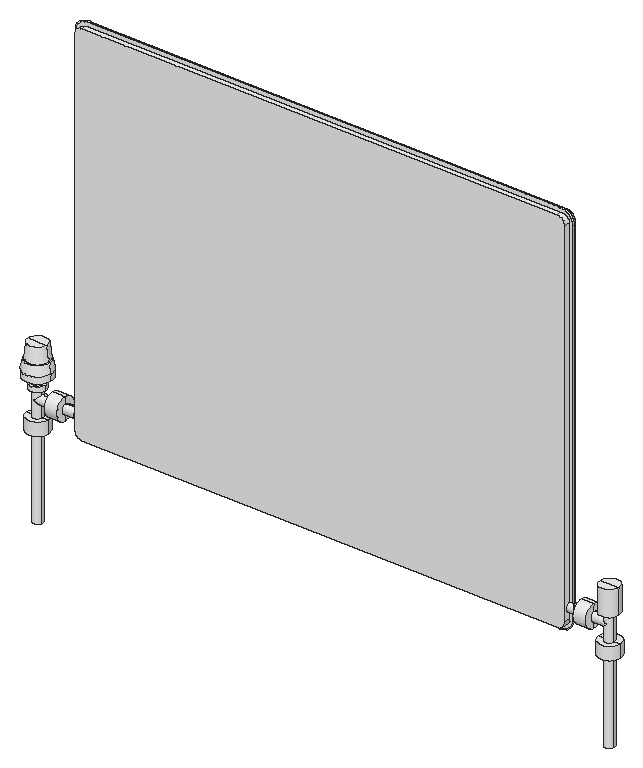
Revit family
Parameters (values of type "600 x 800mm Wide")
  Radiator Type = "Single"
  Radiator Thickness = 20 mm
  Radiator Length = 800 mm
  Radiator Height = 600 mm
  Offset from Wall = 65 mm
  Material Radiator = Paint - White Polished
  Keynote = "T"
  Height to U/S = 150 mm
Types (10, lengths in mm): name | Radiator Length | Radiator Height
  600 x 400mm Wide | 400 | 600
  600 x 600mm Wide | 600 | 600
  600 x 800mm Wide | 800 | 600
  600 x 1000mm Wide | 1000 | 600
  600 x 1200mm Wide | 1200 | 600
  400 x 400mm Wide | 400 | 400
  400 x 600mm Wide | 600 | 400
  400 x 800mm Wide | 800 | 400
  400 x 1000mm Wide | 1000 | 400
  400 x 1200mm Wide | 1200 | 400
Reference planes
  plane 1 "Wall": y = 0
  plane 2 "Center (Left/Right)": x = -1.686
  plane 3 "Back": y = 75
  plane 4: x = -401.686
  plane 5: x = 398.314
  plane 6: z = 150
  plane 7: z = 750
  plane 8: y = 140
Forms (mm)
  Extrusion 1, solid, material "Paint - White Polished" <- "Material Radiator"
    sketch origin (0, 140, 0) x (1, 0, 0) y (0, 0, 1)
      loop
        arc (386.314, 150) -> (394.799, 153.515) -> (398.314, 162) r 12
        line (398.314, 162) -> (398.314, 738)
        arc (398.314, 738) -> (394.799, 746.485) -> (386.314, 750) r 12
        line (386.314, 750) -> (-386.38, 750)
        arc (-386.38, 750) -> (-394.866, 746.485) -> (-398.38, 738) r 12
        line (-398.38, 738) -> (-398.38, 162)
        arc (-398.38, 162) -> (-394.866, 153.515) -> (-386.38, 150) r 12
        line (-386.38, 150) -> (386.314, 150)
    from -10 to 10
  Sweep 2, solid, material "Paint - White Polished" <- "Material Radiator"
    path in 3D
      loop
        arc (386.314, 150, 750) -> (394.799, 150, 746.485) -> (398.314, 150, 738) r 12
        line (398.314, 150, 738) -> (398.314, 150, 162)
        arc (398.314, 150, 162) -> (394.799, 150, 153.515) -> (386.314, 150, 150) r 12
        line (386.314, 150, 150) -> (-386.38, 150, 150)
        arc (-386.38, 150, 150) -> (-394.866, 150, 153.515) -> (-398.38, 150, 162) r 12
        line (-398.38, 150, 162) -> (-398.38, 150, 738)
        arc (-398.38, 150, 738) -> (-394.866, 150, 746.485) -> (-386.38, 150, 750) r 12
        line (-386.38, 150, 750) -> (386.314, 150, 750)
    profile origin (-0.033, 150, 750) x (0, 1, 0) y (0, 0, 1)
      loop
        line (-11, 0) -> (-9, 0) -> (-9, 6)
        arc (-9, 6) -> (-10, 6.756) -> (-11, 6) r 1.039
        line (-11, 6) -> (-11, 0)
  Extrusion 3, void
    sketch origin (0, 150, 0) x (1, 0, 0) y (0, 0, 1)
      loop
        line (373.314, 185) -> (373.314, 715) -> (-376.686, 715) -> (-376.686, 185) -> (373.314, 185)
    from 0 to 3
Cuts and joins
  Extrusion 3 cuts Extrusion 1
  Extrusion 3 cuts Sweep 2
Lines and regions (mm)
  sketch lines
    curve 1: line (-386.38, 150, 750) -> (386.314, 150, 750)
    curve 2: arc (398.314, 150, 738) -> (394.799, 150, 746.485) -> (386.314, 150, 750) r 12
    curve 3: line (398.314, 150, 738) -> (398.314, 150, 162)
    curve 4: arc (386.314, 150, 150) -> (394.799, 150, 153.515) -> (398.314, 150, 162) r 12
    curve 5: line (386.314, 150, 150) -> (-386.38, 150, 150)
    curve 6: arc (-398.38, 150, 162) -> (-394.866, 150, 153.515) -> (-386.38, 150, 150) r 12
    curve 7: line (-398.38, 150, 162) -> (-398.38, 150, 738)
    curve 8: arc (-386.38, 150, 750) -> (-394.866, 150, 746.485) -> (-398.38, 150, 738) r 12
Text (mm)
  text "Placement side" at (-1820.995, 1116.779, 0), in view "Ref. Level"
  text "Placement side" at (0, 1334.055, 2976.191), in view "Left"
  text "Placement side" at (0, 439.194, 2944.362), in view "Right"
Dimensions and locks
  locked: plane 3 "Back" to host wall
  equal spacing: plane 4, plane 2 "Center (Left/Right)", plane 5
  "Radiator Length": plane 4 to plane 5
  "Height to U/S": level to plane 6
  "Radiator Height": plane 6 to plane 7
  "Offset from Wall": plane 3 "Back" to plane 8
  equal spacing: Extrusion 1, plane 8, Extrusion 1
  "Radiator Thickness": Extrusion 1 to Extrusion 1
  locked: cut or joined group of Extrusion 3 to cut or joined group of Extrusion 3 at 3
  aligned and locked: plane 1 "Wall" to host wall
  aligned and locked: Extrusion 1 to Extrusion 3
  aligned and locked: nested 1 to plane 4
  aligned and locked: level to nested 1
  aligned and locked: nested 2 to level
  aligned and locked: nested 2 to plane 5
  aligned and locked: nested 1 to plane 8
  aligned and locked: plane 8 to nested 2
Automatic sketch dimensions
  Extrusion 1 sketch curve to plane 7 = 0 mm
  Extrusion 1 sketch curve to plane 6 = 0 mm
  Extrusion 1 sketch curve to plane 5 = 0 mm
  plane 5 to Extrusion 1 sketch curve = 12 mm  (x2)
  Extrusion 1 sketch curve to plane 4 = 15.306 mm  (x2)
  Extrusion 1 sketch curve to plane 4 = 3.306 mm
  Sweep 2 sketch curve to profile plane = 0 mm
  profile plane to Sweep 2 sketch curve = 11 mm
  Sweep 2 sketch curve to Sweep 2 sketch curve = 1 mm  (x2)
  profile plane to Sweep 2 sketch curve = 5.716 mm
  Sweep 2 sketch curve to Sweep 2 sketch curve = 0.284 mm
  Extrusion 3 sketch curve to plane 4 = 25 mm
  plane 7 to Extrusion 3 sketch curve = 35 mm
  plane 5 to Extrusion 3 sketch curve = 25 mm
  Extrusion 3 sketch curve to plane 6 = 35 mm
Nested families
  nested 1: "Radiator Valve - Flow" at (-401.686, 140, 0) x (-1, 0, 0) z (0, 0, 1), type "Radiator Valve - Flow"
  nested 2: "Radiator Valve - Return" at (398.314, 140, 0), type "Radiator Valve - Return"
Definition of nested family "Radiator Valve - Flow"
  Parameters
    Valve Offset Vert = 30 mm
    Valve Offset Horz = 65 mm
    Radiator Bttm = 150 mm
    Material Valve Head = Plastic - White
    Material Valve = Metal - Chrome
    Material Pipe = Paint - White Polished
  Reference planes
    plane 1 "Center (Front/Back)": y = 0
    plane 2: z = 0
    plane 3 "Center (Left/Right)": x = 0
    plane 4: x = 65
    plane 5: z = 150
    plane 6: z = 180
  Forms (mm)
    Revolve 1, solid, material "Metal - Chrome" <- "Material Valve"
      sketch origin (0, 0, 0) x (1, 0, 0) y (0, 0, 1)
        loop
          line (0, 172.5) -> (20, 172.5) -> (20, 162.5) -> (40, 162.5) -> (40, 172.5) -> (65, 172.5) -> (65, 180) -> (0, 180) -> (0, 172.5)
        axis (0, 180) -> (65, 180)
      angle from 0 to 360
    Revolve 2, solid, material "Metal - Chrome" <- "Material Valve"
      sketch origin (0, 0, 0) x (1, 0, 0) y (0, 0, 1)
        loop
          line (65, 133.664) -> (65, 208.972) -> (57.5, 208.972) -> (57.5, 202) -> (52.5, 202) -> (52.5, 195) -> (57.5, 195) -> (57.5, 153.664) -> (47.5, 153.664) -> (47.5, 133.664) -> (65, 133.664)
        axis (65, 208.972) -> (65, 133.664)
      angle from 0 to 360
    Extrusion 3, solid, material "Paint - White Polished" <- "Material Pipe"
      sketch origin (0, 0, 0) x (1, 0, 0) y (0, 1, 0)
        loop
          circle (65, 0) r 7.5
      from 0 to 133.664
    Revolve 4, solid, material "Plastic - White" <- "Material Valve Head"
      sketch origin (0, 0, 0) x (1, 0, 0) y (0, 0, 1)
        loop
          line (65, 208.972) -> (65, 261.547) -> (49.835, 261.547) -> (47.463, 238.117) -> (45.504, 236.986) -> (42.899, 222.214) -> (42.899, 212.214) -> (55, 208.972) -> (65, 208.972)
        axis (65, 208.972) -> (65, 261.547)
      angle from 0 to 360
  Lines and regions (mm)
    symbolic lines, detail levels medium+fine
      curve 1: line (0, 7.5, 0) -> (65, 7.5, 0)
      curve 2: line (0, -7.5, 0) -> (65, -7.5, 0)
      curve 3: circle (65, 0, 0) r 7.5 normal (0, 0, 1)
  Dimensions and locks
    "Valve Offset Horz": plane 3 "Center (Left/Right)" to plane 4
    "Radiator Bttm": plane 5 to level
    "Valve Offset Vert": plane 6 to plane 5
    aligned and locked: Extrusion 3 to cut or joined group of 
    aligned and locked: Extrusion 3 to level
    aligned and locked: curve 1 to cut or joined group of   (x3)
    aligned and locked: cut or joined group of  to curve 2
    aligned and locked: curve 2 to cut or joined group of   (x2)
  Automatic sketch dimensions
    Revolve 1 sketch curve to plane 6 = 0 mm  (x2)
    Revolve 1 sketch curve to plane 3 "Center (Left/Right)" = 0 mm
    Revolve 1 sketch curve to plane 4 = 0 mm
    Revolve 1 sketch curve to Revolve 1 sketch curve = 20 mm  (x2)
    plane 6 to Revolve 1 sketch curve = 7.5 mm  (x2)
    plane 3 "Center (Left/Right)" to Revolve 1 sketch curve = 20 mm
    Revolve 1 sketch curve to Revolve 1 sketch curve = 30 mm
    Revolve 1 sketch curve to Revolve 1 sketch curve = 10 mm
    Revolve 2 sketch curve to plane 4 = 0 mm  (x2)
    plane 4 to Revolve 2 sketch curve = 7.5 mm
    Revolve 2 sketch curve to Revolve 2 sketch curve = 0 mm
    Revolve 2 sketch curve to Revolve 2 sketch curve = 5 mm
    Revolve 2 sketch curve to plane 5 = 3.664 mm
    Revolve 2 sketch curve to Revolve 2 sketch curve = 10 mm
    plane 5 to Revolve 2 sketch curve = 16.336 mm
    Revolve 2 sketch curve to Revolve 2 sketch curve = 24.692 mm
    Revolve 2 sketch curve to plane 6 = 15 mm
    Revolve 2 sketch curve to Revolve 2 sketch curve = 7 mm
    Revolve 2 sketch curve to Revolve 2 sketch curve = 6.972 mm
    Revolve 2 sketch curve to Revolve 2 sketch curve = 25 mm
    Extrusion 3 sketch curve to plane 1 "Center (Front/Back)" = 0 mm
    Extrusion 3 sketch curve to plane 4 = 0 mm
    Revolve 4 sketch curve to plane 4 = 0 mm  (x2)
    plane 4 to Revolve 4 sketch curve = 10 mm
    plane 4 to Revolve 4 sketch curve = 15.165 mm
    plane 4 to Revolve 4 sketch curve = 17.537 mm
    Revolve 4 sketch curve to Revolve 4 sketch curve = 1.959 mm
    Revolve 4 sketch curve to Revolve 4 sketch curve = 2.605 mm
    Revolve 4 sketch curve to plane 6 = 18.972 mm
    Revolve 4 sketch curve to Revolve 4 sketch curve = 10 mm  (x2)
    Revolve 4 sketch curve to Revolve 4 sketch curve = 3.242 mm
    Revolve 4 sketch curve to Revolve 4 sketch curve = 14.772 mm
    Revolve 4 sketch curve to Revolve 4 sketch curve = 1.131 mm
    Revolve 4 sketch curve to Revolve 4 sketch curve = 23.43 mm
    Revolve 4 sketch curve to Revolve 4 sketch curve = 6.348 mm
    curve 3 to plane 4 = 0 mm
    radius of Extrusion 3 sketch curve = 7.5 mm
Definition of nested family "Radiator Valve - Return"
  Parameters
    Valve Offset Vert = 30 mm
    Valve Offset Horz = 65 mm
    Radiator Bttm = 150 mm
    Material Valve Head = Plastic - White
    Material Valve = Metal - Chrome
    Material Pipe = Paint - White Polished
  Reference planes
    plane 1 "Center (Front/Back)": y = 0
    plane 2: z = 0
    plane 3 "Center (Left/Right)": x = 0
    plane 4: x = 65
    plane 5: z = 150
    plane 6: z = 180
  Forms (mm)
    Revolve 1, solid, material "Metal - Chrome" <- "Material Valve"
      sketch origin (0, 0, 0) x (1, 0, 0) y (0, 0, 1)
        loop
          line (0, 172.5) -> (20, 172.5) -> (20, 162.5) -> (40, 162.5) -> (40, 172.5) -> (65, 172.5) -> (65, 180) -> (0, 180) -> (0, 172.5)
        axis (0, 180) -> (65, 180)
      angle from 0 to 360
    Revolve 2, solid, material "Metal - Chrome" <- "Material Valve"
      sketch origin (0, 0, 0) x (1, 0, 0) y (0, 0, 1)
        loop
          line (65, 133.664) -> (65, 195) -> (57.5, 195) -> (57.5, 153.664) -> (47.5, 153.664) -> (47.5, 133.664) -> (65, 133.664)
        axis (65, 195) -> (65, 133.664)
      angle from 0 to 360
    Extrusion 3, solid, material "Paint - White Polished" <- "Material Pipe"
      sketch origin (0, 0, 0) x (1, 0, 0) y (0, 1, 0)
        loop
          circle (65, 0) r 7.5
      from 0 to 133.664
    Revolve 4, solid, material "Plastic - White" <- "Material Valve Head"
      sketch origin (0, 0, 0) x (1, 0, 0) y (0, 0, 1)
        loop
          line (65, 195) -> (65, 235) -> (50, 235) -> (50, 195) -> (65, 195)
        axis (65, 195) -> (65, 235)
      angle from 0 to 360
  Lines and regions (mm)
    symbolic lines, detail levels medium+fine
      curve 1: line (0, 7.5, 0) -> (65, 7.5, 0)
      curve 2: line (0, -7.5, 0) -> (65, -7.5, 0)
      curve 3: circle (65, 0, 0) r 7.5 normal (0, 0, 1)
  Dimensions and locks
    "Valve Offset Horz": plane 3 "Center (Left/Right)" to plane 4
    "Radiator Bttm": plane 5 to level
    "Valve Offset Vert": plane 6 to plane 5
    aligned and locked: Extrusion 3 to cut or joined group of 
    aligned and locked: Extrusion 3 to level
    aligned and locked: curve 1 to cut or joined group of   (x3)
    aligned and locked: cut or joined group of  to curve 2
  Automatic sketch dimensions
    Revolve 1 sketch curve to plane 6 = 0 mm  (x2)
    Revolve 1 sketch curve to plane 3 "Center (Left/Right)" = 0 mm
    Revolve 1 sketch curve to plane 4 = 0 mm
    Revolve 1 sketch curve to Revolve 1 sketch curve = 20 mm  (x2)
    plane 6 to Revolve 1 sketch curve = 7.5 mm  (x2)
    plane 3 "Center (Left/Right)" to Revolve 1 sketch curve = 20 mm
    Revolve 1 sketch curve to Revolve 1 sketch curve = 30 mm
    Revolve 1 sketch curve to Revolve 1 sketch curve = 10 mm
    Extrusion 3 sketch curve to plane 1 "Center (Front/Back)" = 0 mm
    Extrusion 3 sketch curve to plane 4 = 0 mm
    Revolve 2 sketch curve to plane 4 = 0 mm  (x2)
    plane 4 to Revolve 2 sketch curve = 7.5 mm
    Revolve 2 sketch curve to plane 5 = 3.664 mm
    Revolve 2 sketch curve to Revolve 2 sketch curve = 10 mm
    plane 5 to Revolve 2 sketch curve = 16.336 mm
    Revolve 2 sketch curve to Revolve 2 sketch curve = 24.692 mm
    Revolve 2 sketch curve to plane 6 = 15 mm
    Revolve 2 sketch curve to Revolve 2 sketch curve = 0 mm
    Revolve 4 sketch curve to plane 4 = 0 mm  (x2)
    plane 4 to Revolve 4 sketch curve = 15 mm
    Revolve 4 sketch curve to plane 6 = 15 mm
    Revolve 4 sketch curve to Revolve 4 sketch curve = 3.972 mm
    Revolve 4 sketch curve to Revolve 4 sketch curve = 36.028 mm
    Revolve 4 sketch curve to Revolve 4 sketch curve = 32.895 mm
    curve 2 to plane 4 = 0 mm
    curve 3 to plane 1 "Center (Front/Back)" = 0 mm
    curve 3 to plane 4 = 0 mm
    radius of Extrusion 3 sketch curve = 7.5 mm
